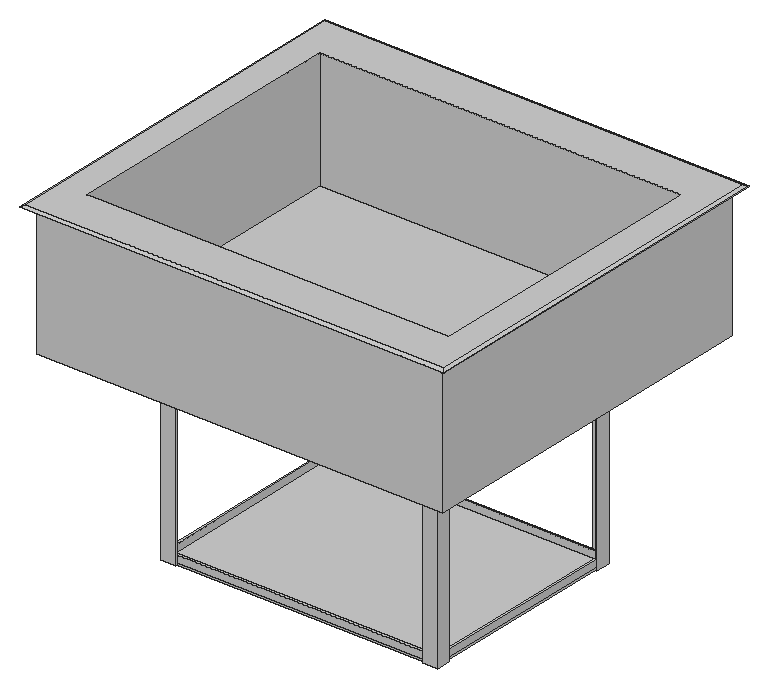
Revit family "QF_VOLLRATH_FC-4CP-02120-RFF", category Specialty Equipment, Revit 2016
Family settings
  Part Type = Normal
  Round Connector Dimension = Use Diameter
  OmniClass Number = 23.40.40.14.24.14
  OmniClass Title = Service Line Equipment
  Work Plane-Based = Yes
  Always vertical = Yes
  Cut with Voids When Loaded = Yes
  Shared = No
  Room Calculation Point = No
Parameters (values of type "FC-4CP-02120-RFF")
  Weight in Pounds = 103
  Watts = 384 W
  Waste Water Discharge Temperature [instance] = 0 °F
  Waste Remarks = ""
  Volts = 120 V
  URL Cutsheet = "www.vollrathfoodservice.com"
  URL = "www.vollrathfoodservice.com"
  Status [instance] = ""
  Specification by User [instance] = ""
  Specification by Manufacturer = ""
  Serial Number = ""
  Seismic Rating = ""
  SMACNA No = ""
  Revision Code [instance] = ""
  Plumbing Remarks [instance] = ""
  Plumbing Connection Type [instance] = ""
  Phase = 1
  Number of Poles = 1
  NAFEM Spec ID Number = ""
  Model = "FC-4CP-02120-RFF"
  Min Ckt Ampacity = 0 A
  Max Overcurrent Protection = 10 A
  Masterspec = ""
  Manufacturer = "VOLLRATH US"
  Item Number [instance] = ""
  Installed By [instance] = ""
  Identify Quantity as Lot [instance] = no
  HP = "0.5"
  Furnished By [instance] = ""
  Foodservice Equipment Identifier [instance] = yes
  FL Amps = 3.2 A
  Electrical Remarks [instance] = ""
  Electric Connection Type [instance] = "Plug&Receptacle"
  Elec Conn RI Height [instance] = 0"
  Elec Conn Connection Height [instance] = 0"
  Direct Waste Size = 1"
  Direct Waste RI Height = 0"
  Direct Waste Flow = 0 GPM
  Direct Waste Connection Height = 0"
  Description = "TWO-WELL 120-VOLT STANDARD REFRIGERATED MODULAR DROP-IN COLD WELL WITH FLAT FLANGE"
  Default Elevation = 0"
  Cycle = 60 Hz
  Conn Plug = "NEMA 5-15P"
  Conn Conduit [instance] = no
  CSI MasterFormat = ""
  Author = ""
  Assembly Code = "E1090320"
  Apparent Power = 384 VA
Reference planes (in)
  plane 1 "Back": y = 0
  plane 2: z = 0
  plane 3 "Left": x = 0
  plane 4 "Front": y = -26
  plane 5 "Top": z = 0
  plane 6 "Right": x = 29
Forms (in)
  Extrusion 1, void
    sketch origin (0, 0, 0) x (1, 0, 0) y (0, 1, 0)
      loop
        line (28.625, -0.375) -> (0.375, -0.375) -> (0.375, -25.625) -> (28.625, -25.625) -> (28.625, -0.375)
    from 3.27425 to -22.375
  Extrusion 2, solid
    sketch origin (0, 0, 0) x (1, 0, 0) y (0, 1, 0)
      loop
        line (28.375, -0.625) -> (0.625, -0.625) -> (0.625, -25.375) -> (28.375, -25.375) -> (28.375, -0.625)
      loop
        line (2.125, -3.0625) -> (2.125, -22.9375) -> (26.875, -22.9375) -> (26.875, -3.0625) -> (2.125, -3.0625)
    from 0 to 0.14643
  Extrusion 3, solid
    sketch origin (0, 0, 0) x (1, 0, 0) y (0, 1, 0)
      loop
        line (0.625, -0.625) -> (0.625, -25.375) -> (28.375, -25.375) -> (28.375, -0.625) -> (0.625, -0.625)
      loop
        line (26.875, -22.9375) -> (26.875, -3.0625) -> (2.125, -3.0625) -> (2.125, -22.9375) -> (26.875, -22.9375)
    from 0 to -9.067
  Sweep 4, solid
    path origin (0, 0, 0) x (1, 0, 0) y (0, 1, 0)
      loop
        line (0.34375, -0.34375) -> (0.34375, -25.65625) -> (28.65625, -25.65625) -> (28.65625, -0.34375) -> (0.34375, -0.34375)
    profile origin (14.5, -0.34375, 0) x (0, 1, 0) y (0, 0, 1)
      loop
        line (0.34375, 0) -> (0.34375, 0.04297) -> (0.12187, 0.14643) -> (-0.28125, 0.14643) -> (-0.28125, 0) -> (0.34375, 0)
  Extrusion 5, solid
    sketch origin (0, 0, 2.308) x (1, 0, 0) y (0, 1, 0)
      loop
        line (26.875, -3.0625) -> (2.125, -3.0625) -> (2.125, -22.9375) -> (26.875, -22.9375) -> (26.875, -3.0625)
      loop
        circle (25.22195, -6.65142) r 0.75
    from -11.375 to -10.305
  Extrusion 6, solid
    sketch origin (5.95684, -178.4845, -22.25) x (-1, 0, 0) y (0, -1, 0)
      loop
        line (0.80059, -172.7345) -> (-0.07441, -172.7345) -> (-0.07441, -172.8595) -> (0.92559, -172.8595) -> (0.92559, -171.8595) -> (0.80059, -171.8595) -> (0.80059, -172.7345)
      loop
        line (-17.88691, -172.7345) -> (-17.88691, -171.8595) -> (-18.01191, -171.8595) -> (-18.01191, -172.8595) -> (-17.01191, -172.8595) -> (-17.01191, -172.7345) -> (-17.88691, -172.7345)
      loop
        line (0.80059, -158.3285) -> (0.80059, -159.2035) -> (0.92559, -159.2035) -> (0.92559, -158.2035) -> (-0.07441, -158.2035) -> (-0.07441, -158.3285) -> (0.80059, -158.3285)
      loop
        line (-17.88691, -158.3285) -> (-17.01191, -158.3285) -> (-17.01191, -158.2035) -> (-18.01191, -158.2035) -> (-18.01191, -159.2035) -> (-17.88691, -159.2035) -> (-17.88691, -158.3285)
    from -0.125 to 13.183
  Extrusion 7, solid
    sketch origin (5.95684, -178.4845, -22.375) x (-1, 0, 0) y (0, -1, 0)
      loop
        line (0.80059, -172.7345) -> (0.80059, -158.3285) -> (-17.88691, -158.3285) -> (-17.88691, -172.7345) -> (0.80059, -172.7345)
    from 0 to 0.125
  Extrusion 8, solid
    sketch origin (8.28434, -20.156, -22.25) x (1, 0, 0) y (0, 0, -1)
      loop
        line (-3.12809, -13.183) -> (15.55941, -13.183) -> (15.55941, -12.183) -> (-3.12809, -12.183) -> (-3.12809, -13.183)
    from 0 to 0.125
  Extrusion 9, solid
    sketch origin (8.28434, -5.75, -22.25) x (1, 0, 0) y (0, 0, 1)
      loop
        line (-3.12809, 13.183) -> (-3.12809, 12.183) -> (15.55941, 12.183) -> (15.55941, 13.183) -> (-3.12809, 13.183)
    from 0 to 0.125
  Extrusion 10, solid
    sketch origin (5.15625, -19.281, -22.25) x (0, -1, 0) y (0, 0, -1)
      loop
        line (0, -13.183) -> (0, -12.183) -> (-1.125, -12.183) -> (-1.125, -13.183) -> (0, -13.183)
      loop
        line (-12.656, -13.183) -> (-11.531, -13.183) -> (-11.531, -12.183) -> (-12.656, -12.183) -> (-12.656, -13.183)
    from 0 to -0.125
  Extrusion 11, solid
    sketch origin (23.84375, -19.281, -22.25) x (0, -1, 0) y (0, 0, 1)
      loop
        line (0, 13.183) -> (-1.125, 13.183) -> (-1.125, 12.183) -> (0, 12.183) -> (0, 13.183)
      loop
        line (-12.656, 13.183) -> (-12.656, 12.183) -> (-11.531, 12.183) -> (-11.531, 13.183) -> (-12.656, 13.183)
    from 0 to -0.125
  Extrusion 12, solid
    sketch origin (0, 0, -0.375) x (1, 0, 0) y (0, 1, 0)
      loop
        line (23.84375, -5.75) -> (5.15625, -5.75) -> (5.15625, -20.156) -> (23.84375, -20.156) -> (23.84375, -5.75)
      loop
        line (5.28125, -20.031) -> (23.71875, -20.031) -> (23.71875, -5.875) -> (5.28125, -5.875) -> (5.28125, -20.031)
    from -21.875 to -21.375
  Extrusion 13, solid
    sketch origin (0.75, 0, -0.375) x (1, 0, 0) y (0, 1, 0)
      loop
        circle (24.47195, -6.65142) r 0.5
      loop
        circle (24.47195, -6.65142) r 0.75
    from -8.692 to -7.622
  Extrusion 14, solid
    sketch origin (0, 0, -0.39384) x (1, 0, 0) y (0, 1, 0)
      loop
        circle (14.5, -13) r 0.25
    from -8.92316 to -8.67316
Cuts and joins
  joined: Extrusion 2, Extrusion 3, Sweep 4, Extrusion 5
Lines and regions (in)
  symbolic lines, style "200-EquipBorder-2D"
    curve 1: line (29, 0, 0) -> (0, 0, 0)
    curve 2: line (29, -26, 0) -> (29, 0, 0)
    curve 3: line (0, 0, 0) -> (0, -26, 0)
    curve 8: line (0, -26, 0) -> (29, -26, 0)
  symbolic lines, style "200-EquipInternal-2D"
    curve 4: line (26.875, -3.0625, 0) -> (2.125, -3.0625, 0)
    curve 5: line (26.875, -22.9375, 0) -> (26.875, -3.0625, 0)
    curve 6: line (2.125, -22.9375, 0) -> (26.875, -22.9375, 0)
    curve 7: line (2.125, -3.0625, 0) -> (2.125, -22.9375, 0)
    curve 9: arc (24.72195, -6.65142, 0) -> (25.22195, -6.15142, 0) -> (25.72195, -6.65142, 0) r 0.5
    curve 10: arc (25.72195, -6.65142, 0) -> (25.22195, -7.15142, 0) -> (24.72195, -6.65142, 0) r 0.5
    curve 11: arc (24.47195, -6.65142, 0) -> (25.22195, -5.90142, 0) -> (25.97195, -6.65142, 0) r 0.75
    curve 12: arc (25.97195, -6.65142, 0) -> (25.22195, -7.40142, 0) -> (24.47195, -6.65142, 0) r 0.75
Dimensions and locks (in)
  plane 3 "Left" to plane 6 "Right" = 29"
  plane 4 "Front" to plane 1 "Back" = 26"
  Extrusion 7 sketch curve to Extrusion 7 sketch curve = 18 11/16"
  aligned and locked: level to plane 2
Connectors (in)
  piping at (25.22195, -6.65142, -9.067), diameter 1, driven by "Direct Waste Flow", driven by "Direct Waste Size"
    settings: on Extrusion 5, index 3, connector inside diameter 24", connector length 0", flow factor 0, pipe flow 0 GPM, pressure drop 0.00 psi, fitting loss kfactor 0, connector angle 0.00°, fixture units 0, engagement length 0", angle of deflection 0.00°, flow configuration 1, flow direction 2, fitting loss method 0, system type 16, joint type 0, gender type 0, connector reference index -1, connector utility 0, adjustable connector no, is connector primary yes, connector description "Drain"
  electrical at (14.5, -13, -9.317), driven by "Volts", driven by "Apparent Power", driven by "Number of Poles"
    settings: on Extrusion 14, index 4, voltage 120 V, apparent load 0 VA, apparent load phase1 384 VA, apparent load phase2 0 VA, apparent load phase3 0 VA, power factor 1, load classification "Other", number of poles 1, system type 31, power factor state 1, is connector primary yes, connector utility no, sub classification motor no, connector description "Electrical connection"
